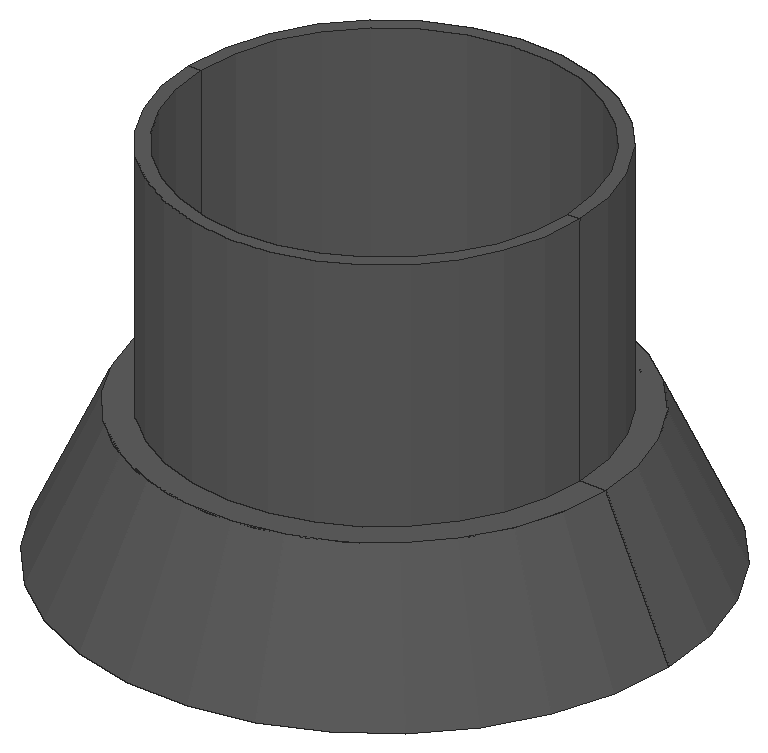
Revit family "101010005202804", category Modelos genéricos, Revit 2018
Family settings
  Puede alojar armadura = No
  Cota de conector redondo = Diámetro de uso
  Tipo de pieza = Normal
  Se basa en plano de trabajo = No
  Siempre vertical = No
  Corte con vacíos al cargar = No
  Compartido = No
  Punto de cálculo de habitación = No
Parameters (values of type "SEPARADOR MOLDAJE CONO 5/8" BOLSA 1.000UN")
  Ventajas = "Fácil de instalar, permite un perfecto acabado, economiza M.O. evita perdida de hormigón y previene la deformación del encofrado."
  Uso = "Se usa en la fabricación de tabique, columnas, vigas altas y losas de hormigón armado. Evita irregularidades en los espesores de los mismos."
  Unidad = "Bolsa 1000 Un."
  URL = "https://www.empresascnp.cl/"
  Num SKUs = "101010005202804"
  Nombre SKU = "SEPARADOR MOLDAJE CONO 5/8\" BOLSA 1.000UN"
  Modelo = "SEPARADOR MOLDAJE CONO 5/8\""
  Material = PEAD
  Url Ficha tecnica = "https://empresascnp.cl/wp-content/uploads//pdf/ficha-tecnica-separador-moldaje-t-muela-bolsa-1-000un.pdf"
  Espesor = 0.00 m
  Empresa = "CNP SPA."
  Dureza = ""
  Dimension = 0.0318 m
  Descripción = "Se usa en la fabricación de tabique, columnas, vigas altas y losas de hormigón armado. Evita irregularidades en los espesores de los mismos."
  Contacto = "info@empresascnp.cl"
  Color = "Negro"
  Aplicacion = "Para instalar el cono 5/8 se necesita un tubo de PVC para proteger el tornillo pasante y unir los conos. Para un tabique de espesor 30cm hay que cortar los tubos a 28cm."
Reference planes (m)
  plane 1 "Center F/B": y = 0
  plane 2: z = 0
  plane 3 "Center L/R": x = 0
  plane 4 "4": x = -0.01
  plane 5 "5": x = 0.01
  plane 6 "6": y = 0.0075
  plane 7 "7": y = -0.0075
  plane 8 "8": y = 0.01
  plane 9 "9": y = -0.01
  plane 10: z = 0.025
Forms (m)
  Revolve 1, solid, material "PEAD" <- "Material"
    sketch origin (0, 0, 0) x (1, 0, 0) y (0, 0, 1)
      loop
        line (-0.014875, 0.01) -> (-0.014875, 0.03) -> (-0.015875, 0.03) -> (-0.015875, 0.011) -> (-0.01795, 0.011) -> (-0.023079, 0) -> (-0.021976, 0) -> (-0.017313, 0.01) -> (-0.014875, 0.01)
      axis (0, 0.03) -> (0, 0)
    angle from 0 to 360
  Revolve 2, solid, material "PEAD" <- "Material"
    sketch origin (0, 0, -0.002107) x (1, 0, 0) y (0, 0, 1)
      loop
        line (-0.021976, 0.002107) -> (-0.019306, 0.002107) -> (-0.009533, 0.006056) -> (0, 0.006056) -> (0, 0.007056) -> (-0.009728, 0.007056) -> (-0.021976, 0.002107)
      axis (0, 0.007056) -> (0, 0.002107)
    angle from 0 to 360
Dimensions and locks (m)
  plane 5 "5" to plane 3 "Center L/R" = 0.01 m
  plane 3 "Center L/R" to plane 4 "4" = 0.01 m
